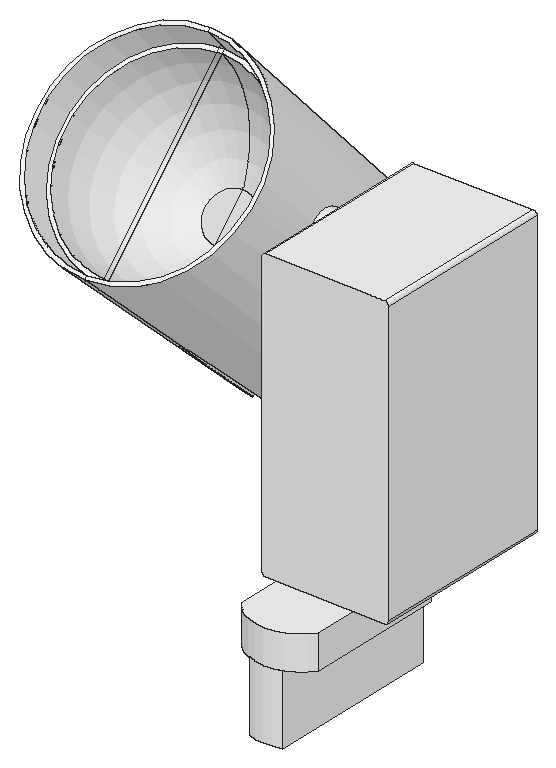
Revit family "0004823 Feilo Sylvania Lighting Fixture START TRACK SPOT S 14W 4K RA80 NB WHITE", category Lighting Fixtures, host Face, Revit 2017 (continued)
Definition of nested family "Start Track Spot Head"
  Types (96, lengths in mm): name | Wattage | built-in parameter 1150134 | Photometric Web File | Model | built-in parameter 1150105 | Lumens | built-in parameter 1150107 | built-in parameter 1150106 | HeadThickness_FEILO | HeadRibOffset_FEILO | HeadRibDepth_FEILO | HeadRibCutWidth_FEILO | HeadRibCutOffset_FEILO | HeadReflectorRadius_FEILO | HeadReflectorOffset_FEILO | HeadLEDRadius_FEILO | HeadHeight_FEILO | HeadDiffusorOffset_FEILO | HeadDiaOut_FEILO | HeadDiaIn_FEILO | HeadAxisFromTop_FEILO | Emit from Circle Diameter | built-in parameter 1150104 | Description | Apparent Load
    0004812 START TRACK SPOT S 14W 3K RA80 MB WHITE | 14 W | (empty or 0) | "0004812.ies" | "START TRACK SPOT S 14W 3K RA80 MB WHITE" | 120.32 (stored number, unit not read) | 1512 lm | 3000 (stored number, unit not read) | 1.2032 (stored number, unit not read) | 1.5 | 4.179 | 55.714 | 7.167 | 50.87 | 50.588 | 55.714 | 9.556 | 117 | 9.435 | 86 | 77.477 | 69.354 | 77.477 | 10.034 (stored number, unit not read) | "Integrated LED spotlight, Textured White - RAL9016, compact and minimalist design, ideal for retail applications, die-cast aluminium body, passive cooling heatsink. Beam angle: 36°, color temperature: 3000K , total system power: 14W, total fixture output: 1508 lm, LOR: 100%, colour rendering: Ra: 80 typical, LED Chromaticity: 3 step MacAdam ellipse, lifetime: >50000 hours at L70B50, energy class: A++, A+, A, IR/UV free light source without heat radiation, operating voltage: 220-240V / 50-60Hz, drive current: 350mA, electronic driver, non-dimmable, power factor: 0.92, electrical protection: Class II, Global Track 3 Phase adapter suitable for Global trac 3-circuit tracks, ingress protection rating: IP20, suitable for internal environment only, horizontal rotation: 355°, vertical tilt: 90°, dimensions: Ø86x140x200, weight: 0.940kg." | 14 VA
    0004811 START TRACK SPOT S 14W 3K RA80 NB WHITE | 14 W | (empty or 0) | "0004811.ies" | "START TRACK SPOT S 14W 3K RA80 NB WHITE" | 123.66 (stored number, unit not read) | 1554 lm | 3000 (stored number, unit not read) | 1.2366 (stored number, unit not read) | 1.5 | 4.179 | 55.714 | 7.167 | 50.87 | 50.588 | 55.714 | 9.556 | 117 | 9.435 | 86 | 77.477 | 69.354 | 77.477 | 10.312 (stored number, unit not read) | "Integrated LED spotlight, Textured White - RAL9016, compact and minimalist design, ideal for retail applications, die-cast aluminium body, passive cooling heatsink. Beam angle: 12°, color temperature: 3000K , total system power: 14W, total fixture output: 1551 lm, LOR: 100%, colour rendering: Ra: 80 typical, LED Chromaticity: 3 step MacAdam ellipse, lifetime: >50000 hours at L70B50, energy class: A++, A+, A, IR/UV free light source without heat radiation, operating voltage: 220-240V / 50-60Hz, drive current: 350mA, electronic driver, non-dimmable, power factor: 0.92, electrical protection: Class II, Global Track 3 Phase adapter suitable for Global trac 3-circuit tracks, ingress protection rating: IP20, suitable for internal environment only, horizontal rotation: 355°, vertical tilt: 90°, dimensions: Ø86x140x200, weight: 0.940kg." | 14 VA
  Reference planes
    plane 1 "Center (Front/Back)": y = 0
    plane 2: z = 0
    plane 3 "Center (Left/Right)": x = 0
    plane 4: x = 43
    plane 5: x = -43
    plane 6: x = -38.739
    plane 7: x = 38.739
    plane 8: z = 69.354
    plane 9: z = -47.646
    plane 10: x = -41.5
    plane 11: x = -37.239
    plane 12: z = -38.211
    plane 13: z = -35.211
    plane 14: z = 8.068
    plane 15: x = -9.556
    plane 16: x = -28.667
    plane 17: x = -19.111
    plane 18: x = -27.167
    plane 19: x = -17.611
    plane 20: x = -8.056
    plane 21: z = 13.64
    plane 22: x = -29.667
    plane 23: x = -26.167
    plane 24: x = -20.111
    plane 25: x = -16.611
    plane 26: x = -10.556
    plane 27: x = -7.056
    plane 28: x = -36.239
    plane 29: x = -40.5
    plane 30: z = 65.175
    plane 31: z = 60.997
    plane 32: z = 56.818
    plane 33: z = 18.484
    plane 34: y = -43
    plane 35: y = 43
    plane 36: y = 3.583
    plane 37: y = -3.583
    plane 38: y = -2.583
    plane 39: y = 2.583
    plane 40: y = 46
    plane 41: z = 13.5
    plane 42: z = -13.5
    plane 43: y = 39
    plane 44: x = 4.708
    plane 45: x = -2.458
    plane 46: x = -1.458
    plane 47: x = 1.458
  Forms (mm)
    Extrusion 1, solid
      sketch origin (4.2, 0, 0) x (1, 0, 0) y (0, 1, 0)
        loop
          line (-1219.2, 1219.2) -> (-1219.2, -1219.2) -> (1219.2, -1219.2) -> (1219.2, 1219.2) -> (-1219.2, 1219.2)
      from 0 to -68.017
    Revolve 2, solid, material <- "Material_1_FEILO", detail levels medium+fine
      sketch origin (0, 0, 0) x (1, 0, 0) y (0, 0, 1)
        loop
          line (-43, -47.646) -> (-41.5, -47.646) -> (-40.5, -35.211) -> (-38.739, -35.211)
          arc (-38.739, -35.211) -> (-30.16, -9.517) -> (-9.556, 8.068) r 50.588
          line (-9.556, 8.068) -> (0, 8.068) -> (0, 13.64) -> (-16.611, 13.64) -> (-17.611, 60.997) -> (-19.111, 60.997) -> (-20.111, 13.64) -> (-36.239, 13.64) -> (-37.239, 69.354) -> (-38.739, 69.354) -> (-43, -47.646)
        axis (0, 69.354) -> (0, -47.646)
      angle from 360 to 0
    Extrusion 3, void
      sketch origin (0, 0, 0) x (0, 1, 0) y (0, 0, 1)
        loop
          line (-3.583, 69.354) -> (-2.583, 18.484) -> (1.932, 18.484) -> (2.932, 69.354) -> (-3.583, 69.354)
      from 43 to -43
    Revolve 4, solid, material <- "Material_2_FEILO", detail levels medium+fine
      sketch origin (0, 0, 0) x (1, 0, 0) y (0, 0, 1)
        loop
          line (-41.5, -38.211) -> (0, -38.211) -> (0, -35.211) -> (-41.5, -35.211) -> (-41.5, -38.211)
        axis (0, -35.211) -> (0, -38.211)
      angle from 360 to 0
    Revolve 5, solid, material <- "Material_1_FEILO"
      sketch origin (0, 0, 0) x (0, 1, 0) y (0, 0, 1)
        loop
          line (46, 0) -> (39, 0) -> (39, -13.5) -> (46, -13.5) -> (46, 0)
        axis (39, 0) -> (46, 0)
      angle from 360 to 0
    Revolve 6, solid, material <- "Material_1_FEILO", detail levels medium+fine
      sketch origin (0, 0, 0) x (1, 0, 0) y (0, 0, 1)
        loop
          line (-29.667, 13.64) -> (-26.167, 13.64) -> (-27.167, 65.175) -> (-28.667, 65.175) -> (-29.667, 13.64)
        loop
          line (-10.556, 13.64) -> (-7.056, 13.64) -> (-7.833, 56.818) -> (-9.778, 56.818) -> (-10.556, 13.64)
        axis (0, 65.175) -> (0, 13.64)
      angle from 360 to 0
    Extrusion 7, void
      sketch origin (0, 0, 0) x (1, 0, 0) y (0, 0, 1)
        loop
          line (4.708, 69.354) -> (-2.458, 69.354) -> (-1.458, 13.64) -> (1.458, 13.64) -> (4.708, 69.354)
      from -43 to 43
    Revolve 8, solid, material <- "Material_1_FEILO", detail levels coarse
      sketch origin (0, 0, 0) x (1, 0, 0) y (0, 0, 1)
        loop
          line (0, 69.354) -> (-38.739, 69.354) -> (-43, -47.646) -> (-41.5, -47.646) -> (-40.731, -38.211) -> (0, -38.211) -> (0, 69.354)
        axis (0, 69.354) -> (0, -47.646)
      angle from 360 to 0
  Cuts and joins
    Extrusion 3 cuts Revolve 2
    Extrusion 7 cuts Revolve 6
  Dimensions and locks
    equal spacing: plane 7, plane 3 "Center (Left/Right)", plane 6
    equal spacing: plane 4, plane 3 "Center (Left/Right)", plane 5
    "HeadDiaOut_FEILO": plane 4 to plane 5
    "HeadDiaIn_FEILO": plane 7 to plane 6
    "HeadHeight_FEILO": plane 8 to plane 9
    "HeadThickness_FEILO": plane 10 to plane 5
    "HeadThickness_FEILO": plane 11 to plane 6
    "HeadDiffusorOffset_FEILO": plane 12 to plane 9
    "HeadDiffusorThickness_FEILO": plane 13 to plane 12
    "HeadReflectorOffset_FEILO": plane 14 to plane 9
    "HeadLEDRadius_FEILO": plane 3 "Center (Left/Right)" to plane 15
    "HeadLEDRadius_FEILO": plane 15 to plane 17
    "HeadLEDRadius_FEILO": plane 17 to plane 16
    "HeadThickness_FEILO": plane 18 to plane 16
    "HeadThickness_FEILO": plane 19 to plane 17
    "HeadThickness_FEILO": plane 20 to plane 15
    "HeadRibDepth_FEILO": plane 8 to plane 21
    "HeadDraft_FEILO": plane 16 to plane 22
    "HeadDraft_FEILO": plane 23 to plane 18
    "HeadDraft_FEILO": plane 17 to plane 24
    "HeadDraft_FEILO": plane 25 to plane 19
    "HeadDraft_FEILO": plane 15 to plane 26
    "HeadDraft_FEILO": plane 27 to plane 20
    "HeadDraft_FEILO": plane 29 to plane 10
    "HeadDraft_FEILO": plane 28 to plane 11
    "HeadRibOffset_FEILO": plane 8 to plane 30
    "HeadRibOffset_FEILO": plane 30 to plane 31
    "HeadRibOffset_FEILO": plane 31 to plane 32
    "HeadAxisFromTop_FEILO": plane 8 to plane 2
    "HeadRibCutOffset_FEILO": plane 8 to plane 33
    equal spacing: plane 34, plane 1 "Center (Front/Back)", plane 35
    "HeadDiaOut_FEILO": plane 34 to plane 35
    equal spacing: plane 38, plane 1 "Center (Front/Back)", plane 39
    equal spacing: plane 37, plane 1 "Center (Front/Back)", plane 36
    "HeadRibCutWidth_FEILO": plane 37 to plane 36
    "HeadDraft_FEILO": plane 37 to plane 38
    locked: plane 35 to plane 40 at 3
    equal spacing: plane 41, plane 2, plane 42
    locked: plane 42 to plane 41 at 27
    locked: plane 43 to plane 35 at 4
    equal spacing: plane 45, imposter light, plane 44
    "HeadDraft_FEILO": plane 46 to plane 45
    "HeadRibCutWidth_FEILO": plane 44 to plane 45
    equal spacing: plane 47, plane 3 "Center (Left/Right)", plane 46
    "HeadReflectorRadius_FEILO": radius of Revolve 2 sketch curve
    aligned and locked: plane 2 to Extrusion 1
    aligned and locked: level to Extrusion 1
    aligned and locked: Revolve 2 sketch curve to plane 3 "Center (Left/Right)"  (x2)
    aligned and locked: plane 9 to Revolve 2 sketch curve  (x2)
    aligned and locked: plane 5 to Revolve 2 sketch curve
    aligned and locked: plane 10 to Revolve 2 sketch curve
    aligned and locked: plane 14 to Revolve 2 sketch curve
    aligned and locked: plane 8 to Revolve 2 sketch curve
    aligned and locked: Revolve 2 sketch curve to plane 13
    aligned and locked: plane 12 to Revolve 4 sketch curve
    aligned and locked: plane 3 "Center (Left/Right)" to Revolve 4 sketch curve
    aligned and locked: Revolve 4 sketch curve to plane 10
    aligned and locked: Revolve 4 sketch curve to plane 3 "Center (Left/Right)"
    aligned and locked: plane 12 to imposter light
    aligned and locked: imposter light to plane 1 "Center (Front/Back)"
    aligned and locked: Revolve 5 sketch curve to plane 2
    aligned and locked: plane 43 to Revolve 5 sketch curve
    aligned and locked: plane 42 to Revolve 5 sketch curve
    aligned and locked: Revolve 6 sketch curve to plane 3 "Center (Left/Right)"
    aligned and locked: plane 22 to Revolve 6 sketch curve
    aligned and locked: plane 30 to Revolve 6 sketch curve
    aligned and locked: plane 23 to Revolve 6 sketch curve
    aligned and locked: Revolve 6 sketch curve to plane 21  (x2)
    aligned and locked: plane 21 to Revolve 6 sketch curve
    aligned and locked: plane 17 to Revolve 2 sketch curve
    aligned and locked: plane 19 to Revolve 2 sketch curve
    aligned and locked: plane 31 to Revolve 2 sketch curve
    aligned and locked: plane 21 to Revolve 2 sketch curve
    aligned and locked: Extrusion 3 to plane 8
    aligned and locked: plane 33 to Extrusion 3
    aligned and locked: plane 8 to Extrusion 3 sketch curve
    aligned and locked: Extrusion 3 sketch curve to plane 33
    aligned and locked: Extrusion 3 to plane 5
    aligned and locked: plane 4 to Extrusion 3
    aligned and locked: plane 32 to Revolve 6 sketch curve
    aligned and locked: plane 44 to Extrusion 7 sketch curve
    aligned and locked: Extrusion 7 sketch curve to plane 8
    aligned and locked: plane 46 to Extrusion 7 sketch curve
    aligned and locked: plane 21 to Extrusion 7 sketch curve
    aligned and locked: plane 34 to Extrusion 7
    aligned and locked: Extrusion 7 to plane 35
    aligned and locked: Revolve 4 sketch curve to plane 13
    aligned and locked: Revolve 5 sketch curve to plane 40
    aligned and locked: Revolve 8 sketch curve to plane 3 "Center (Left/Right)"
    aligned and locked: Revolve 8 sketch curve to cut or joined group of Revolve 2, Extrusion 3  (x3)
    aligned and locked: plane 5 to Revolve 8 sketch curve
    aligned and locked: plane 3 "Center (Left/Right)" to Revolve 8 sketch curve
    aligned and locked: plane 12 to Revolve 8 sketch curve
  Automatic sketch dimensions
    Extrusion 1 sketch curve to Extrusion 1 sketch curve = 2438.4 mm  (x2)
    Extrusion 3 sketch curve to plane 37 = 0 mm
    Extrusion 3 sketch curve to plane 38 = 0 mm
    plane 39 to Extrusion 3 sketch curve = 0.651 mm
    Extrusion 3 sketch curve to plane 39 = 0.349 mm
    Revolve 6 sketch curve to plane 16 = 0 mm
    Revolve 6 sketch curve to plane 18 = 0 mm
    Revolve 6 sketch curve to plane 26 = 0 mm
    Revolve 6 sketch curve to plane 27 = 0 mm
    Revolve 6 sketch curve to plane 15 = 0.222 mm
    plane 9 to Revolve 6 sketch curve = 559.103 mm
    Revolve 6 sketch curve to plane 8 = 2535.555 mm
    plane 20 to Revolve 6 sketch curve = 0.222 mm
    Revolve 2 sketch curve to plane 29 = 0 mm
    Revolve 2 sketch curve to plane 6 = 0 mm  (x2)
    Revolve 2 sketch curve to plane 11 = 0 mm
    Revolve 2 sketch curve to plane 21 = 0 mm
    Revolve 2 sketch curve to plane 28 = 0 mm
    Revolve 2 sketch curve to plane 24 = 0 mm
    Revolve 2 sketch curve to plane 25 = 0 mm
    Revolve 2 sketch curve to plane 15 = 0 mm
    Revolve 2 sketch curve to Revolve 2 sketch curve = 557.155 mm
    Revolve 2 sketch curve to plane 8 = 2535.558 mm
    Extrusion 7 sketch curve to plane 45 = 0 mm
    Extrusion 7 sketch curve to plane 47 = 0 mm
    plane 9 to Revolve 4 sketch curve = 559.103 mm
    Revolve 4 sketch curve to plane 8 = 2535.555 mm
    Revolve 5 sketch curve to level = 0 mm
    plane 34 to Revolve 5 sketch curve = 1968.092 mm
    Revolve 5 sketch curve to plane 40 = 1405.763 mm
    Revolve 8 sketch curve to plane 6 = 0 mm
    Revolve 8 sketch curve to plane 29 = 0.231 mm
    plane 9 to Revolve 8 sketch curve = 559.103 mm
    Revolve 8 sketch curve to Revolve 8 sketch curve = 2535.555 mm
Definition of nested family "Start Track Spot Box"
  Parameters (values of type "Type Large White")
    URL = "http://www.feilosylvania.com"
    Type Image = (empty or 0)
    Type Comments = "n/a"
    Small_FEILO = no
    Material_3_FEILO = none
    Model = ""
    Manufacturer = "Feilo Sylvania"
    Keynote = ""
    Material_2_FEILO = none
    Description = ""
    Default Elevation = 1219.2 mm
    Cost = 0
    Material_1_FEILO = none
    BoxWidth_FEILO = 49 mm
    BoxStartAngle_FEILO [instance] = 0.00°
    BoxRadius_FEILO = 1.5 mm
    BoxHeight_FEILO = if(Small_FEILO, 112 mm, 136 mm)  # 136 mm
    BoxEndAngle_FEILO [instance] = BoxStartAngle_FEILO - 180.00°  # -180.00°
    BoxDepth_FEILO = if(Small_FEILO, 71.5 mm, 79 mm)  # 79 mm
    BoxAxisVerticalOffset_FEILO = 16 mm
    BoxAxisOffset_FEILO = BoxHeight_FEILO / 6.8  # 20 mm
    Assembly Code = ""
    Material_4_FEILO = none
  Types (4, lengths in mm): name | Small_FEILO | BoxHeight_FEILO | BoxDepth_FEILO | BoxAxisOffset_FEILO
    Type Large White | no | 136 | 79 | 20
    Type Small White | yes | 112 | 71.5 | 16.471
    Type Small Black | yes | 112 | 71.5 | 16.471
    Type Large Black | no | 136 | 79 | 20
  Reference planes
    plane 1 "Center (Front/Back)": y = 0
    plane 2: z = 0
    plane 3 "Center (Left/Right)": x = 0
    plane 4: x = 24.5
    plane 5: x = -24.5
    plane 6: y = 68
    plane 7: y = -68
    plane 8: z = 39.5
    plane 9: z = -39.5
    plane 10: y = -48
    plane 11: x = 30.5
    plane 12: x = 8.5
    plane 13: x = 21.5
    plane 14: y = 70
    plane 15: y = 72
    plane 16: x = 19.5
  Forms (mm)
    Extrusion 1, solid
      sketch origin (4.2, 0, 0) x (1, 0, 0) y (0, 1, 0)
        loop
          line (-1219.2, 1219.2) -> (-1219.2, -1219.2) -> (1219.2, -1219.2) -> (1219.2, 1219.2) -> (-1219.2, 1219.2)
      from 0 to -68.017
    Extrusion 2, solid, material <- "Material_1_FEILO"
      sketch origin (0, 0, 0) x (1, 0, 0) y (0, 1, 0)
        loop
          arc (-23, 68) -> (-24.061, 67.561) -> (-24.5, 66.5) r 1.5
          line (-24.5, 66.5) -> (-24.5, -66.5)
          arc (-24.5, -66.5) -> (-24.061, -67.561) -> (-23, -68) r 1.5
          line (-23, -68) -> (23, -68)
          arc (23, -68) -> (24.061, -67.561) -> (24.5, -66.5) r 1.5
          line (24.5, -66.5) -> (24.5, 66.5)
          arc (24.5, 66.5) -> (24.061, 67.561) -> (23, 68) r 1.5
          line (23, 68) -> (-23, 68)
      from -39.5 to 39.5
    Revolve 3, solid, not visible
      sketch origin (0, 0, 0) x (1, 0, 0) y (0, 1, 0)
        loop
          line (30.5, -48) -> (24.5, -48) -> (24.5, -68) -> (30.5, -68) -> (30.5, -48)
        axis (30.5, -48) -> (24.5, -48)
      angle from 0 <- "BoxStartAngle_FEILO" to -180 <- "BoxEndAngle_FEILO"
    Revolve 4, solid, material <- "Material_2_FEILO"
      sketch origin (0, 0, 0) x (1, 0, 0) y (0, 1, 0)
        loop
          line (8.5, 68) -> (19.5, 68) -> (19.5, 70) -> (21.5, 70) -> (21.5, 72) -> (8.5, 72) -> (8.5, 68)
        axis (8.5, 72) -> (8.5, 68)
      angle from 360 to 0
  Dimensions and locks
    equal spacing: plane 5, plane 3 "Center (Left/Right)", plane 4
    "BoxWidth_FEILO": plane 5 to plane 4
    equal spacing: plane 7, plane 1 "Center (Front/Back)", plane 6
    "BoxHeight_FEILO": plane 7 to plane 6
    equal spacing: plane 8, plane 2, plane 9
    "BoxDepth_FEILO": plane 8 to plane 9
    "BoxAxisOffset_FEILO": plane 7 to plane 10
    locked: plane 4 to plane 11 at 6
    "BoxAxisVerticalOffset_FEILO": plane 12 to plane 4
    locked: plane 12 to plane 13 at 13
    plane 6 to plane 14 to plane 15 = 2 mm locked, 2 mm locked
    locked: plane 12 to plane 16 at 11
    "BoxRadius_FEILO": radius of Extrusion 2 sketch curve  (x4)
    aligned and locked: plane 2 to Extrusion 1
    aligned and locked: level to Extrusion 1
    aligned and locked: plane 6 to Extrusion 2 sketch curve
    aligned and locked: plane 5 to Extrusion 2 sketch curve
    aligned and locked: Extrusion 2 sketch curve to plane 7
    aligned and locked: Extrusion 2 sketch curve to plane 4
    aligned and locked: Extrusion 2 to plane 8
    aligned and locked: plane 9 to Extrusion 2
    aligned and locked: Revolve 3 sketch curve to plane 10  (x2)
    aligned and locked: plane 11 to Revolve 3 sketch curve
    aligned and locked: Revolve 3 sketch curve to plane 4
    aligned and locked: plane 7 to Revolve 3 sketch curve
    aligned and locked: Revolve 4 sketch curve to plane 12
    aligned and locked: plane 6 to Revolve 4 sketch curve
    aligned and locked: plane 12 to Revolve 4 sketch curve
    aligned and locked: plane 15 to Revolve 4 sketch curve
    aligned and locked: Revolve 4 sketch curve to plane 13
    aligned and locked: Revolve 4 sketch curve to plane 14
    aligned and locked: Revolve 4 sketch curve to plane 16
    aligned and locked: Revolve 4 sketch curve to plane 6
  Automatic sketch dimensions
    Extrusion 1 sketch curve to Extrusion 1 sketch curve = 2438.4 mm  (x2)
    Revolve 3 sketch curve to plane 5 = 1499.5 mm
    plane 11 to Revolve 3 sketch curve = 1493.5 mm
    plane 15 to Revolve 4 sketch curve = 0 mm
    plane 7 to Revolve 4 sketch curve = 1456 mm
    Revolve 4 sketch curve to plane 15 = 1452 mm
